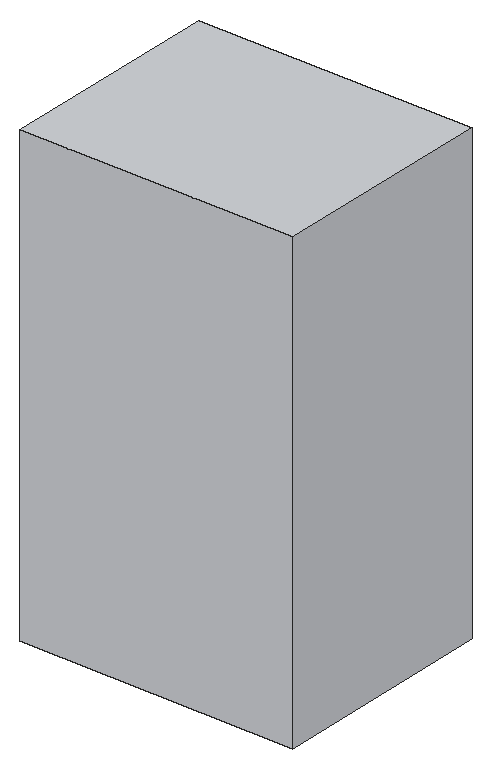
Revit family
Parameters
  Warranty Duration (Years) = 0
  Unit Width [instance] = 1' - 0"
  Unit Height [instance] = 2' - 3"
  Unit Depth = 0' - 4 7/8"
  URL = "http://www.americanspecialties.com/viewCategories.cfm"
  Trim Material = Metal - Stainless Steel
  Test Data = ""
  Specification = "http://www.arcat.com/sdspecs/htm/10810asi.htm"
  SpecWizard = ""
  Send Message = "http://www.arcat.com/users.pl?action=UserEmail&company=American%20Specialties,%20Inc.&coid=30448&rep=139&fax=914-476-0688&mf="
  Sales Information = "http://www.americanspecialties.com/contact"
  Revision = "R1_10-2010"
  Rack_Width = 1' - 0"
  Rack_Distance = 0' - 5"
  Product Properties = "http://www.americanspecialties.com/datasheets/0559.pdf"
  Product Data = "http://www.arcat.com/arcatcos/cos30/arc30448.html"
  Model = "As Specified in 10 28 13"
  Manufacturer Website = "http://www.americanspecialties.com/viewCategories.cfm"
  Manufacturer Phone - Toll Free = ""
  Manufacturer Phone = "914-476-9000 "
  Manufacturer Fax = "914-476-0688"
  Manufacturer Address = "441 Saw Mill River Rd., Yonkers, NY 10701"
  Manufacturer = "American Specialties, Inc."
  Maintenance Schedule (Months) = 0
  Keynote = "10 28 13"
  Installation-Fabrication = "http://www.americanspecialties.com/products.cfm"
  Hole = 1' - 0 11/16"
  Green Building-LEED = ""
  Expected Lifespan (Years) = 0
  Drawn By = "Robert S. Weygant. CSI, CDT, SCIP"  # constant formula
  Description = "Toilet Accessory as Specified in 10 28 13"
  Default Elevation = 4' - 0"
  Copyright = "©Arcat Inc."
  Construction Details = "http://www.arcat.com/green/clients/leed_data_30448.html"
  Building Codes = "http://www.americanspecialties.com/products.cfm"
  Body Material = Metal - Stainless Steel
  Assembly Code = "C1030210"
Reference planes (in)
  plane 1 "Center (Front/Back)": y = -4.79112
  plane 2 "Floor Line": z = 0
  plane 3 "Center (Left/Right)": x = -0.65843
  plane 4: z = 61.5
  plane 5: x = -6.65843
  plane 6: x = 5.34157
  plane 7: z = 48
  plane 8: z = 75
  plane 9: y = 16.70888
  plane 10: y = -10.29112
  plane 11: z = 4.875
  plane 12: y = -9.47862
  plane 13: x = -5.84593
  plane 14: x = 4.52907
  plane 15: y = 3.20888
  plane 16: y = 15.89638
Forms (in)
  Extrusion 1, solid
    sketch origin (-4.07053, -13.54084, -6) x (0, 0, -1) y (1, 0, 0)
      loop
        line (-82, 26) -> (-82, -19.34712) -> (-6, -19.34712) -> (-6, 26) -> (-82, 26)
    from 2.75028 to -34.27291
  Extrusion 2, solid, material "Metal - Stainless Steel" <- "Body Material"
    sketch origin (0, 0, 0) x (1, 0, 0) y (0, 1, 0)
      loop
        arc (-5.65843, 16.70888) -> (-6.36554, 16.41599) -> (-6.65843, 15.70888) r 1
        line (-6.65843, 15.70888) -> (-6.65843, -9.29112)
        arc (-6.65843, -9.29112) -> (-6.36554, -9.99822) -> (-5.65843, -10.29112) r 1
        line (-5.65843, -10.29112) -> (4.34157, -10.29112)
        arc (4.34157, -10.29112) -> (5.04867, -9.99822) -> (5.34157, -9.29112) r 1
        line (5.34157, -9.29112) -> (5.34157, 15.70888)
        arc (5.34157, 15.70888) -> (5.04867, 16.41599) -> (4.34157, 16.70888) r 1
        line (4.34157, 16.70888) -> (-5.65843, 16.70888)
    from 0 to 0.25
  Extrusion 3, solid, material "Metal - Stainless Steel" <- "Body Material"
    sketch origin (0, 0, 0) x (1, 0, 0) y (0, 1, 0)
      loop
        line (-6.65843, -4.29112) -> (-6.65843, -5.29112) -> (-1.15843, -5.29112) -> (-1.15843, -10.29112) -> (-0.15843, -10.29112) -> (-0.15843, -5.29112) -> (5.34157, -5.29112) -> (5.34157, -4.29112) -> (-6.65843, -4.29112)
    from 0.25 to 4.875
  Extrusion 4, void
    sketch origin (0, 0, 0) x (1, 0, 0) y (0, 1, 0)
      loop
        line (-6.59593, -2.54112) -> (-6.59593, -10.22862) -> (5.27907, -10.22862) -> (5.27907, -2.54112) -> (-6.59593, -2.54112)
    from 0.25 to 4.8125
  Extrusion 5, void
    sketch origin (0, 0, 0) x (1, 0, 0) y (0, 1, 0)
      loop
        circle (-5.84593, -9.47862) r 0.125
      loop
        circle (4.52907, -9.47862) r 0.125
      loop
        circle (-5.84593, 3.20888) r 0.125
      loop
        circle (4.52907, 3.20888) r 0.125
      loop
        circle (-5.84593, 15.89638) r 0.125
      loop
        circle (4.52907, 15.89638) r 0.125
    from 0 to 12
  Extrusion 6, solid, material "Metal - Stainless Steel" <- "Body Material"
    sketch origin (0, 16, 0) x (1, 0, 0) y (0, 1, 0)
      loop
        line (-6.65843, -4.29112) -> (-6.65843, -5.29112) -> (-1.15843, -5.29112) -> (-1.15843, -10.29112) -> (-0.15843, -10.29112) -> (-0.15843, -5.29112) -> (5.34157, -5.29112) -> (5.34157, -4.29112) -> (-6.65843, -4.29112)
    from 0.25 to 4.875
  Extrusion 7, void
    sketch origin (0, -5.25, 0) x (1, 0, 0) y (0, 1, 0)
      loop
        line (-6.59593, 16.95888) -> (-6.59593, 11.0291) -> (5.27907, 11.0291) -> (5.27907, 16.95888) -> (-6.59593, 16.95888)
    from 0.25 to 4.8125
Cuts and joins
  Extrusion 4, Extrusion 5, Extrusion 7 cuts Extrusion 2
  Extrusion 4, Extrusion 5, Extrusion 7 cuts Extrusion 3
  Extrusion 7 cuts Extrusion 6
Dimensions and locks (in)
  equal spacing: plane 8, plane 4, plane 7
  equal spacing: plane 6, plane 3 "Center (Left/Right)", plane 5
  "Unit Width": plane 6 to plane 5
  "Unit Height": plane 8 to plane 7
  "Default Elevation": plane 7 to plane 2 "Floor Line"
  "Unit Height": plane 9 to plane 10
  "Unit Depth": plane 11 to plane 2 "Floor Line"
  cut or joined group of Extrusion 3, Extrusion 4, Extrusion 5, Extrusion 7 to cut or joined group of Extrusion 3, Extrusion 4, Extrusion 5, Extrusion 7 = 0' - 1"
  locked: plane 10 to plane 1 "Center (Front/Back)" at 5.5
  locked: plane 10 to cut or joined group of Extrusion 3, Extrusion 4, Extrusion 5, Extrusion 7 at 5
  "Hole": plane 15 to plane 12
  locked: plane 12 to plane 10 at 0.8125
  "Hole": plane 16 to plane 15
  locked: cut or joined group of Extrusion 6, Extrusion 7 to cut or joined group of Extrusion 6, Extrusion 7 at 1
  locked: cut or joined group of Extrusion 6, Extrusion 7 to cut or joined group of Extrusion 6, Extrusion 7 at 5
  locked: cut or joined group of Extrusion 6, Extrusion 7 to cut or joined group of Extrusion 6, Extrusion 7 at 0.0625  (x3)
  cut or joined group of Extrusion 6, Extrusion 7 to cut or joined group of Extrusion 3, Extrusion 4, Extrusion 5, Extrusion 7 = 0' - 10"
  equal spacing: cut or joined group of Extrusion 6, Extrusion 7, plane 3 "Center (Left/Right)", cut or joined group of Extrusion 6, Extrusion 7
  "Rack_Width": Extrusion 6 sketch curve to Extrusion 6 sketch curve
  locked: cut or joined group of Extrusion 6, Extrusion 7 to cut or joined group of Extrusion 6, Extrusion 7 at 0.07022
  "Rack_Distance": plane 9 to cut or joined group of Extrusion 6, Extrusion 7
  locked: cut or joined group of Extrusion 3, Extrusion 4, Extrusion 5, Extrusion 7 to cut or joined group of Extrusion 3, Extrusion 4, Extrusion 5, Extrusion 7 at 0.0625
  aligned and locked: Extrusion 1 to level
  aligned and locked: plane 10 to Extrusion 2 sketch curve
  aligned and locked: Extrusion 2 sketch curve to plane 6
  aligned and locked: Extrusion 2 sketch curve to plane 9
  aligned and locked: plane 5 to Extrusion 2 sketch curve
  aligned and locked: Extrusion 3 to Extrusion 2
  aligned and locked: cut or joined group of Extrusion 6, Extrusion 7 to Extrusion 7
  aligned and locked: plane 11 to cut or joined group of Extrusion 3, Extrusion 4, Extrusion 5, Extrusion 7
  aligned and locked: plane 11 to cut or joined group of Extrusion 6, Extrusion 7
Automatic sketch dimensions
  Extrusion 1 sketch curve to Extrusion 1 sketch curve = 6' - 4"
  Extrusion 1 sketch curve to Extrusion 1 sketch curve = 3' - 9.34712"
  plane 5 to Extrusion 2 sketch curve = 0' - 1"  (x2)
  Extrusion 2 sketch curve to plane 6 = 0' - 1"  (x2)
  Extrusion 3 sketch curve to plane 5 = 0' - 0"
  Extrusion 3 sketch curve to plane 10 = 0' - 0"
  Extrusion 3 sketch curve to plane 6 = 0' - 0"
  Extrusion 3 sketch curve to plane 3 "Center (Left/Right)" = 0' - 0 1/2"
  plane 3 "Center (Left/Right)" to Extrusion 3 sketch curve = 0' - 0 1/2"
  plane 1 "Center (Front/Back)" to Extrusion 3 sketch curve = 0' - 0 1/2"  (x2)
  Extrusion 3 sketch curve to plane 1 "Center (Front/Back)" = 0' - 0 1/2"
  plane 5 to Extrusion 4 sketch curve = 0' - 0 1/16"
  Extrusion 4 sketch curve to plane 6 = 0' - 0 1/16"
  plane 10 to Extrusion 4 sketch curve = 0' - 0 1/16"
  Extrusion 4 sketch curve to plane 1 "Center (Front/Back)" = 0' - 2 1/4"
  Extrusion 5 sketch curve to plane 13 = 0' - 0"  (x3)
  Extrusion 5 sketch curve to plane 12 = 0' - 0"  (x2)
  Extrusion 5 sketch curve to plane 14 = 0' - 0"  (x3)
  Extrusion 5 sketch curve to plane 15 = 0' - 0"  (x2)
  Extrusion 5 sketch curve to plane 16 = 0' - 0"  (x2)
  Extrusion 6 sketch curve to plane 6 = 0' - 0"
  Extrusion 6 sketch curve to plane 3 "Center (Left/Right)" = 0' - 0 1/2"
  plane 3 "Center (Left/Right)" to Extrusion 6 sketch curve = 0' - 0 1/2"
  Extrusion 6 sketch curve to plane 1 "Center (Front/Back)" = 0' - 10 1/2"
  Extrusion 6 sketch curve to Extrusion 6 sketch curve = 0' - 5"
  Extrusion 6 sketch curve to Extrusion 6 sketch curve = 0' - 0"
  Extrusion 6 sketch curve to Extrusion 6 sketch curve = 0' - 1"
  plane 5 to Extrusion 7 sketch curve = 0' - 0 1/16"
  Extrusion 7 sketch curve to plane 6 = 0' - 0 1/16"
  plane 10 to Extrusion 7 sketch curve = 1' - 4.07022"
  plane 10 to Extrusion 7 sketch curve = 1' - 10"
  radius of Extrusion 5 sketch curve = 0' - 0 1/8"  (x6)
